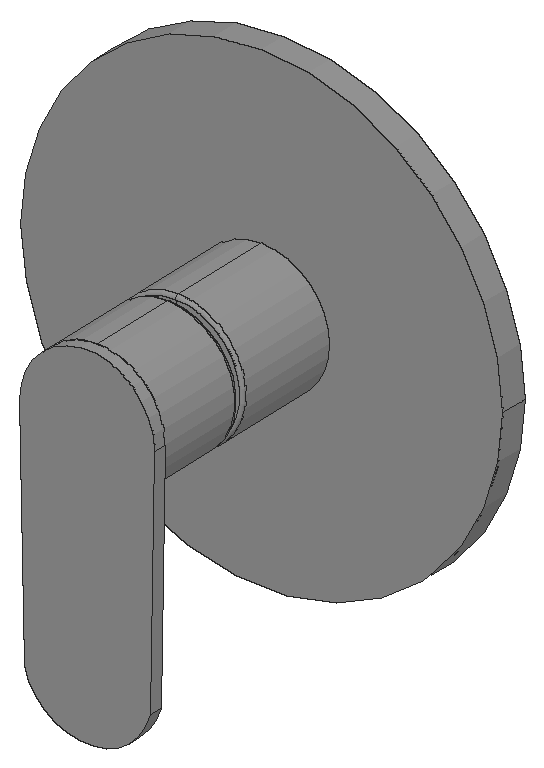
Revit family "MZ RECEP URBAN", category Plumbing Fixtures, Revit 2019
Family settings
  Round Connector Dimension = Use Diameter
  Part Type = Normal
  OmniClass Number = 23.45.00.00
  OmniClass Title = Sanitary, Laundry, and Cleaning Equipment
  Work Plane-Based = No
  Always vertical = Yes
  Cut with Voids When Loaded = No
  Shared = No
  Room Calculation Point = No
Reference planes
  plane 1 "Center (Front/Back)": y = 0
  plane 2: z = 0
  plane 3 "Center (Left/Right)": x = 0
Forms (mm)
  Revolve 1, solid
    sketch origin (72.511, -50.46, 70) x (0, 0, 1) y (0, -1, 0)
      loop
        line (-70, 13.194) -> (-70, 77.122) -> (-91, 77.122) -> (-91, 49.998)
        arc (-91, 49.998) -> (-90.708, 49.292) -> (-90.002, 49) r 0.998
        line (-90.002, 49) -> (-85.735, 49)
        arc (-85.735, 49) -> (-86.908, 47.98) -> (-87.608, 46.591) r 4.029
        line (-87.608, 46.591) -> (-89.991, 46.591)
        arc (-89.991, 46.591) -> (-90.704, 46.295) -> (-91, 45.582) r 1.009
        line (-91, 45.582) -> (-91, 13.194) -> (-70, 13.194)
      axis (-70, 13.194) -> (-70, 77.122)
    angle from 0 to 360
  Extrusion 2, solid
    sketch origin (0, -50.46, 65) x (1, 0, 0) y (0, 0, 1)
      loop
        line (51.511, -65) -> (52.803, -139.002)
        arc (52.803, -139.002) -> (72.511, -154) -> (92.22, -139.002) r 20.448
        line (92.22, -139.002) -> (93.511, -65)
        arc (93.511, -65) -> (72.511, -44) -> (51.511, -65) r 21
    from 77.122 to 81.081
  Extrusion 3, solid
    sketch origin (0, 0, 0) x (1, 0, 0) y (0, 0, 1)
      loop
        circle (72.511, 0) r 75
    from 55.115 to 63.615
Dimensions and locks
  aligned and locked: level to plane 2
